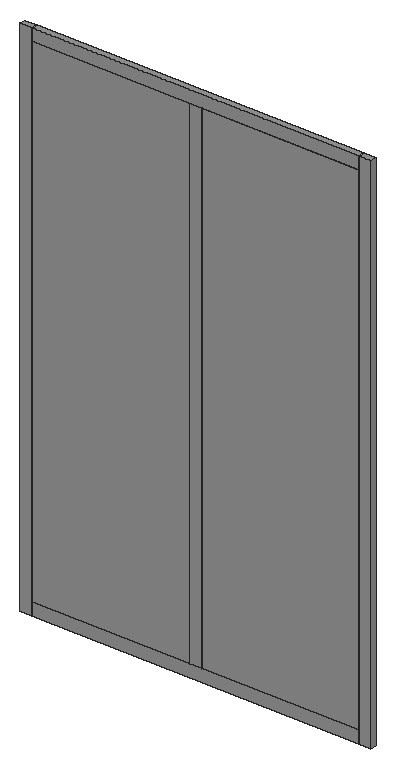
Revit family "MAMPARA IRIS 1300X1950", category Plumbing Fixtures, Revit 2019
Family settings
  Round Connector Dimension = Use Diameter
  Part Type = Normal
  OmniClass Number = 23.45.00.00
  OmniClass Title = Sanitary, Laundry, and Cleaning Equipment
  Work Plane-Based = No
  Always vertical = Yes
  Cut with Voids When Loaded = No
  Shared = No
  Room Calculation Point = No
Reference planes
  plane 1 "Center (Front/Back)": y = 0
  plane 2: z = 0
  plane 3 "Center (Left/Right)": x = 0
Forms (mm)
  Extrusion 1, solid
    sketch origin (0, 0, 0) x (1, 0, 0) y (0, 0, 1)
      loop
        line (0, 0) -> (45, 0) -> (45, 1950) -> (0, 1950) -> (0, 0)
      loop
        line (1300, 1950) -> (1255, 1950) -> (1255, 0) -> (1300, 0) -> (1300, 1950)
    from 0 to 20.008
  Extrusion 2, solid
    sketch origin (0, 0, 0) x (1, 0, 0) y (0, 0, 1)
      loop
        line (45, 1950) -> (45, 1905) -> (1255, 1905) -> (1255, 1950) -> (45, 1950)
      loop
        line (45, 0) -> (1255, 0) -> (1255, 45) -> (45, 45) -> (45, 0)
    from 0 to 20.008
  Extrusion 3, solid
    sketch origin (0, 0, 0) x (1, 0, 0) y (0, 1, 0)
      loop
        line (45, 0) -> (45, -20.008) -> (1255, -20.008) -> (1255, 0) -> (45, 0)
    from 45 to 1905
  Extrusion 4, solid
    sketch origin (0, 0, 0) x (1, 0, 0) y (0, 1, 0)
      loop
        line (627.5, 0) -> (627.5, -20.008) -> (672.5, -20.008) -> (672.5, 0) -> (627.5, 0)
    from 45 to 1905
Dimensions and locks
  aligned and locked: level to plane 2
